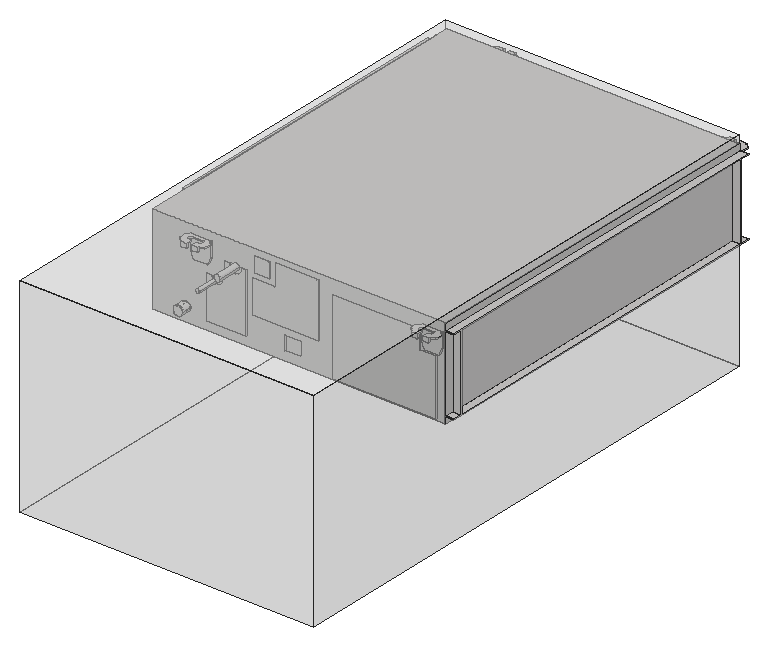
Revit family "outputfile", category 機械設備, Revit 2024
Family settings
  丸型コネクタ寸法 = 半径を使用
  パーツ タイプ = 標準
  OmniClass 番号 = 23.75.10.24.21.27.27
  OmniClass タイトル = Split System Air Conditioning Units
  作業面ベース = いいえ
  常に垂直 = はい
  ロード時にボイドで切り取り = いいえ
  注釈の向きを維持 = いいえ
  共有 = いいえ
  部屋計算ポイント = はい
Parameters (values of type "FBFC24EV2S")
  製造元 = "Daikin"
  書き出し IFC クラス(タイプ) = "IfcUnitaryEquipmentType"
  定義済み IFC タイプ(タイプ) = "AIRCONDITIONINGUNIT"
  モデル = "FBFC24EV2S"
  switch_frequency = yes
  r_Liquid Pipe Size = Liquid Pipe Size / 2  # 4.75 mm
  r_Gas Pipe Size = Gas Pipe Size / 2  # 7.95 mm
  r_Drain Pipe Size = Drain Pipe Size / 2  # 12.5 mm
  lw_power = 770.0 mm  # constant formula
  lh_SA = 138.0 mm  # constant formula
  lw_SA = if(Width = 550.0 mm, 225.0 mm, if(Width = 700.0 mm, 300.0 mm, if(Width = 1000.0 mm, 450.0 mm, if(Width = 1400.0 mm, 650.0 mm, 725.0 mm))))  # 450.0 mm
  lw_RA = if(Width = 550.0 mm, 275.0 mm, if(Width = 700.0 mm, 349.0 mm, if(Width = 1000.0 mm, 499.0 mm, if(Width = 1400.0 mm, 699.0 mm, 775.0 mm))))  # 499.0 mm
  lh_power = 60.0 mm + [h***]  # 60.0 mm
  lh_mountinghole1 = lh_mountinghole + [h***]  # 222.0 mm
  lh_RA = 123.0 mm  # constant formula
  ld_power = Width / 2  # 500.0 mm
  connector_voltage = Voltage_50Hz  # 220 V
  connector_powerinput = [Power Input (Cooling)]  # 2.230 kW
  connector_phase = Phase_50Hz  # 1
  Width = 1000.0 mm
  Voltage_comment_50Hz = "220"
  Voltage_50Hz = 220 V
  Supply Air Direction [instance] = yes
  Phase_50Hz = 1
  Minimum External Static Pressure = 40.00 Pa
  Maximum External Static Pressure = 140.00 Pa
  Material_Casing = DAIKIN_GalvanizedSteel_Casing_indoorunit
  lw_mountinghole = 630.0 mm  # constant formula
  lh_gaspipe = 183.0 mm + [h***]  # 183.0 mm
  lh_mountinghole = 222.0 mm  # constant formula
  lh_liquidpipe = 136.0 mm + [h***]  # 136.0 mm
  lh_drainpipe = 38.0 mm + [h***]  # 38.0 mm
  lh_antena = Height - lh_mountinghole + 1.0 mm  # 24.0 mm
  ld_drainpipe = Width / 2 + 26.0 mm  # 526.0 mm
  ld_liquidpipe = Width / 2 + 69.0 mm  # 569.0 mm
  ld_gaspipe = Width / 2 + 65.0 mm  # 565.0 mm
  ld_mountinghole = Width + 38.0 mm  # 1038.0 mm
  h*** = 0.0 mm  # constant formula
  lw_liquidpipe = 179.0 mm  # constant formula
  lw_gaspipe = 229.0 mm  # constant formula
  lw_drainpipe = 91.0 mm  # constant formula
  Version = "ver.1.0"
  Unit Type = "Duct"
  Unit Mass Weight = 36.00 kg
  Unit Designation [instance] = ""
  Uniclass2015Version = "Products v1.30"
  Uniclass2015Title = "Split coil room air conditioning units"
  Uniclass2015Code = "Pr_70_65_03_86"
  Total Cooling Capacity [instance] = 0.000 kW
  Sound Pressure Level_M speed (dBA) = 37
  Sound Pressure Level_L speed (dBA) = 34
  Sound Pressure Level_H speed (dBA) = 39
  Series = "SkyAir_Fan Coil Unit"
  Sensible Cooling Capacity [instance] = 0.000 kW
  SA Duct Size Width = 792.0 mm
  SA Duct Size Height = 176.0 mm
  Refrigerant Type = "R32"
  RA Duct Size Width = 952.0 mm
  RA Duct Size Height = 208.0 mm
  Power Input (Cooling) = 2.230 kW
  Option Accessory 3 [instance] = ""
  Option Accessory 2 [instance] = ""
  Option Accessory 1 [instance] = ""
  Nominal Cooling Capacity = 7.000 kW
  Minimum Airflow = 990.00 m³/h
  Median Airflow = 1200.00 m³/h
  Maximum Airflow = 1500.00 m³/h
  Load Classification = HVAC
  Liquid Pipe Size = 9.5 mm
  Link_Nested Family [instance] = ""
  IfcVersion = ""
  IfcExportType = "AIRCONDITIONINGUNIT"
  IfcExportAs = "IfcUnitaryEquipmentType"
  Height = 245.0 mm
  Heat Exchanger Type = "Cross Fin Coil"
  Gas Pipe Size = 15.9 mm
  Frequency_50Hz = 50 Hz
  Fan Type = "Sirocco Fan"
  Fan Drive = "Direct Drive"
  FCU Tag No. [instance] = ""
  Drain Pipe Size = 25.0 mm
  Design Supply Airflow [instance] = 0.00 m³/h
  Design Return Airflow [instance] = 0.00 m³/h
  Design External Static Pressure [instance] = 0.00 Pa
  既定の高さ = 0.0 mm
  Depth = 800.0 mm
  Cooling Entering Wet Bulb Temperature [instance] = 0.00 °C
  Cooling Entering Dry Bulb Temperature [instance] = 0.00 °C
  Cooling Ambient Wet Bulb Temperature [instance] = 0.00 °C
  Cooling Ambient Dry Bulb Temperature [instance] = 0.00 °C
  Clearance visibility [instance] = yes
  Clearance Top = 20.0 mm
  Clearance Right = 0.0 mm
  Clearance Rear = 0.0 mm
  Clearance Left = 0.0 mm
  Clearance Front = 450.0 mm
  Clearance Bottom = 300.0 mm
Reference planes
  plane 1 "Center (Front/Back)": y = 0
  plane 2 "h": z = 0
  plane 3 "Center (Left/Right)": x = 0
  plane 4 "Back": y = 500
  plane 5 "Front": y = -500
  plane 6 "Left": x = -400
  plane 7 "Right": x = 400
  plane 8 "Top": z = 0
  plane 9 "Bottom": z = -245
  plane 10: y = -215
  plane 11: y = 500
  plane 12: y = -950
  plane 13: x = -400
  plane 14: x = 400
  plane 15: z = 20
  plane 16: z = -545
  plane 17: x = -400
  plane 18: x = -399
  plane 19: x = 399
  plane 20: y = 50
  plane 21: y = -1
  plane 22: z = -122
  plane 23: y = -501
  plane 24: z = -109
  plane 25: x = -221
  plane 26: y = -565
  plane 27: z = -62
  plane 28: x = -171
  plane 29: y = -526
  plane 30: z = -207
  plane 31: x = -309
  plane 32: x = -309
  plane 33: x = -221
  plane 34: x = -171
  plane 35: x = 370
  plane 36: x = -266
  plane 37: x = 364
  plane 38: y = -519
  plane 39: y = 519
  plane 40: z = -23
  plane 41: z = -107
  plane 42: y = -569
  plane 43: z = -207
  plane 44: x = -309
  plane 45: y = -526
  plane 46: x = -251
  plane 47: x = -203
  plane 48: x = -144
  plane 49: z = -59
  plane 50: z = -106
  plane 51: z = -221
  plane 52: z = -109
  plane 53: x = -221
  plane 54: z = -62
  plane 55: x = -171
  plane 56: z = -17
  plane 57: z = -59
  plane 58: x = -121
  plane 59: x = -79
  plane 60: x = -125
  plane 61: x = -64
  plane 62: x = 53
  plane 63: z = -164
  plane 64: z = -73
  plane 65: z = -16
  plane 66: x = 93.5
  plane 67: x = 374.5
  plane 68: x = 330
  plane 69: z = -88.5
  plane 70: z = -38
  plane 71: z = -242.5
  plane 72: x = -38.5
  plane 73: x = 6.5
  plane 74: z = -181
  plane 75: z = -221
  plane 76: y = -499
  plane 77: x = -424
  plane 78: x = 424
Forms (mm)
  Extrusion 1, solid, material "DAIKIN_GalvanizedSteel_Casing_indoorunit" <- "Material_Casing"
    sketch origin (0, 0, 0) x (1, 0, 0) y (0, 1, 0)
      loop
        line (-399, 500) -> (-399, -500) -> (399, -500) -> (399, 500) -> (-399, 500)
    from -245 to 0
  Extrusion 2, solid, material "DAIKIN_GalvanizedSteel_Casing_indoorunit" <- "Material_Casing"
    sketch origin (0, 0, 0) x (1, 0, 0) y (0, 0, 1)
      loop
        line (-251, -221) -> (-144, -221) -> (-144, -59) -> (-154.47, -59)
        arc (-154.47, -59) -> (-171, -78.8) -> (-187.53, -59) r 16.8
        line (-187.53, -59) -> (-203, -59) -> (-203, -106) -> (-206.916, -106)
        arc (-206.916, -106) -> (-221, -123.4) -> (-235.084, -106) r 14.4
        line (-235.084, -106) -> (-251, -106) -> (-251, -221)
    from 500 to 501
  Extrusion 3, solid, material "DAIKIN_GalvanizedSteel_Casing_indoorunit" <- "Material_Casing"
    sketch origin (0, 0, 0) x (1, 0, 0) y (0, 0, 1)
      loop
        line (-121, -17) -> (-121, -59) -> (-79, -59) -> (-79, -17) -> (-121, -17)
      loop
        line (-125, -73) -> (-125, -164) -> (53, -164) -> (53, -16) -> (-64, -16) -> (-64, -73) -> (-125, -73)
    from 500 to 501
  Extrusion 4, solid, material "DAIKIN_GalvanizedSteel_Casing_indoorunit" <- "Material_Casing"
    sketch origin (0, 0, 0) x (1, 0, 0) y (0, 0, 1)
      loop
        line (93.5, -38) -> (93.5, -242.5) -> (374.5, -242.5) -> (374.5, -88.5) -> (330, -88.5) -> (330, -38) -> (93.5, -38)
    from 500 to 501
  Extrusion 5, solid, material "DAIKIN_GalvanizedSteel_Casing_indoorunit" <- "Material_Casing"
    sketch origin (0, 0, 0) x (1, 0, 0) y (0, 0, 1)
      loop
        circle (-221, -109) r 4.75
    from 500 to 569
  Extrusion 6, solid, material "DAIKIN_GalvanizedSteel_Casing_indoorunit" <- "Material_Casing"
    sketch origin (0, 0, 0) x (1, 0, 0) y (0, 0, 1)
      loop
        circle (-171, -62) r 7.95
    from 500 to 565
  Extrusion 7, solid, material "DAIKIN_GalvanizedSteel_Casing_indoorunit" <- "Material_Casing"
    sketch origin (0, 0, 0) x (1, 0, 0) y (0, 0, 1)
      loop
        circle (-309, -207) r 12.5
    from 501 to 526
  Extrusion 8, solid, material "DAIKIN_GalvanizedSteel_Casing_indoorunit" <- "Material_Casing"
    sketch origin (0, 0, 0) x (1, 0, 0) y (0, 0, 1)
      loop
        circle (-309, -207) r 13
    from 500 to 526
  Extrusion 9, void
    sketch origin (0, 0, 0) x (1, 0, 0) y (0, 0, 1)
      loop
        line (-38.5, -181) -> (-38.5, -221) -> (6.5, -221) -> (6.5, -181) -> (-38.5, -181)
    from 499 to 500
Cuts and joins
  Extrusion 9 cuts Extrusion 1
Dimensions and locks
  "Height": plane 8 "Top" to plane 9 "Bottom"
  equal spacing: plane 4 "Back", plane 1 "Center (Front/Back)", plane 5 "Front"
  "Width": plane 4 "Back" to plane 5 "Front"
  equal spacing: plane 6 "Left", plane 3 "Center (Left/Right)", plane 7 "Right"
  "Depth": plane 6 "Left" to plane 7 "Right"
  "Clearance Left": plane 13 to plane 6 "Left"
  "Clearance Right": plane 7 "Right" to plane 14
  "Clearance Rear": plane 11 to plane 4 "Back"
  "Clearance Front": plane 5 "Front" to plane 12
  "Clearance Top": plane 15 to plane 8 "Top"
  "Clearance Bottom": plane 9 "Bottom" to plane 16
  locked: plane 17 to plane 18 at 1
  locked: plane 19 to plane 14 at 1
  "lw_RA": plane 21 to plane 5 "Front"
  "lh_RA": plane 22 to plane 9 "Bottom"
  locked: plane 5 "Front" to plane 23 at 1
  "lw_liquidpipe": plane 25 to plane 6 "Left"
  "lh_liquidpipe": plane 24 to plane 9 "Bottom"
  "lh_gaspipe": plane 27 to plane 9 "Bottom"
  "lw_gaspipe": plane 28 to plane 6 "Left"
  "ld_gaspipe": plane 26 to plane 1 "Center (Front/Back)"
  "ld_drainpipe": plane 29 to plane 1 "Center (Front/Back)"
  "lh_drainpipe": plane 30 to plane 9 "Bottom"
  "lw_drainpipe": plane 31 to plane 6 "Left"
  "lw_drainpipe": plane 6 "Left" to plane 32
  "lw_liquidpipe": plane 6 "Left" to plane 33
  "lw_gaspipe": plane 6 "Left" to plane 34
  "lw_power": plane 6 "Left" to plane 35
  locked: plane 17 to plane 36 at 134
  "lw_mountinghole": plane 36 to plane 37
  equal spacing: plane 38, plane 1 "Center (Front/Back)", plane 39
  "ld_mountinghole": plane 39 to plane 38
  "lh_mountinghole": plane 40 to plane 9 "Bottom"
  "lh_SA": plane 41 to plane 9 "Bottom"
  locked: plane 44 to plane 6 "Left" at 91
  locked: plane 43 to plane 9 "Bottom" at 38
  locked: plane 5 "Front" to plane 45 at 26
  plane 48 to plane 47 to plane 46 to plane 6 "Left" = 59.0 mm, 48.0 mm, 149.0 mm
  plane 8 "Top" to plane 49 to plane 50 to plane 51 = 59.0 mm locked, 47.0 mm locked, 115.0 mm locked
  plane 55 to plane 53 to plane 6 "Left" = 50.0 mm locked, 179.0 mm locked
  plane 54 to plane 52 to plane 9 "Bottom" = 47.0 mm locked, 136.0 mm locked
  plane 59 to plane 58 to plane 6 "Left" = 42.0 mm locked, 279.0 mm locked
  plane 8 "Top" to plane 56 to plane 57 = 17.0 mm locked, 42.0 mm locked
  plane 62 to plane 61 to plane 60 to plane 6 "Left" = 117.0 mm, 61.0 mm, 275.0 mm
  plane 8 "Top" to plane 65 to plane 64 = 16.0 mm locked, 57.0 mm locked
  locked: plane 65 to plane 63 at 148
  plane 8 "Top" to plane 70 to plane 69 to plane 71 = 38.0 mm locked, 50.5 mm locked, 154.0 mm locked
  plane 67 to plane 68 to plane 66 to plane 6 "Left" = 44.5 mm locked, 236.5 mm locked, 493.5 mm locked
  plane 8 "Top" to plane 74 to plane 75 = 181.0 mm locked, 40.0 mm locked
  plane 73 to plane 72 to plane 6 "Left" = 45.0 mm, 361.5 mm
  locked: plane 76 to plane 5 "Front" at 1
  locked: plane 77 to plane 17 at 24
  locked: plane 14 to plane 78 at 24
  "ld_liquidpipe": plane 42 to plane 1 "Center (Front/Back)"
  "lw_SA": plane 4 "Back" to plane 20
  "r_Liquid Pipe Size": radius of Extrusion 5 sketch curve
  "r_Gas Pipe Size": radius of Extrusion 6 sketch curve
  "r_Drain Pipe Size": radius of Extrusion 7 sketch curve
  aligned and locked: level to plane 2 "h"
  aligned and locked: plane 8 "Top" to Extrusion 1
  aligned and locked: Extrusion 1 to plane 9 "Bottom"
  aligned and locked: nested 5 to plane 12
  aligned and locked: plane 13 to nested 5
  aligned and locked: plane 14 to nested 5
  aligned and locked: nested 5 to plane 13
  aligned and locked: plane 11 to nested 5
  aligned and locked: plane 15 to nested 5
  aligned and locked: plane 16 to nested 5
  aligned and locked: plane 5 "Front" to Extrusion 1 sketch curve
  aligned and locked: Extrusion 1 to plane 18
  aligned and locked: plane 19 to Extrusion 1
  aligned and locked: nested 7 to plane 18
  aligned and locked: nested 7 to plane 20
  aligned and locked: plane 19 to nested 8
  aligned and locked: plane 21 to nested 8
  aligned and locked: plane 22 to nested 8
  aligned and locked: Extrusion 2 to plane 23
  aligned and locked: plane 5 "Front" to Extrusion 2
  aligned and locked: Extrusion 3 to plane 23
  aligned and locked: plane 5 "Front" to Extrusion 3
  aligned and locked: plane 5 "Front" to Extrusion 4
  aligned and locked: Extrusion 5 sketch curve to plane 25
  aligned and locked: plane 24 to Extrusion 5 sketch curve
  aligned and locked: plane 5 "Front" to Extrusion 5
  aligned and locked: Extrusion 6 sketch curve to plane 28
  aligned and locked: plane 27 to Extrusion 6 sketch curve
  aligned and locked: plane 5 "Front" to Extrusion 6
  aligned and locked: Extrusion 7 sketch curve to plane 31
  aligned and locked: plane 30 to Extrusion 7 sketch curve
  aligned and locked: Extrusion 7 to plane 29
  aligned and locked: plane 23 to Extrusion 7
  aligned and locked: nested 3 to plane 29
  aligned and locked: plane 32 to nested 3
  aligned and locked: nested 2 to plane 33
  aligned and locked: nested 1 to plane 34
  aligned and locked: Extrusion 6 to plane 26
  aligned and locked: nested 1 to plane 26
  aligned and locked: nested 6 to plane 5 "Front"
  aligned and locked: nested 6 to plane 35
  aligned and locked: plane 36 to nested 10
  aligned and locked: nested 10 to plane 5 "Front"
  aligned and locked: plane 37 to nested 9
  aligned and locked: nested 9 to plane 5 "Front"
  aligned and locked: nested 11 to plane 36
  aligned and locked: plane 4 "Back" to nested 11
  aligned and locked: nested 12 to plane 37
  aligned and locked: plane 4 "Back" to nested 12
  aligned and locked: plane 40 to nested 10
  aligned and locked: plane 40 to nested 11
  aligned and locked: plane 40 to nested 9
  aligned and locked: plane 40 to nested 12
  aligned and locked: plane 36 to nested 14
  aligned and locked: nested 14 to plane 39
  aligned and locked: plane 37 to nested 13
  aligned and locked: nested 13 to plane 39
  aligned and locked: plane 37 to nested 16
  aligned and locked: plane 38 to nested 16
  aligned and locked: plane 38 to nested 15
  aligned and locked: plane 36 to nested 15
  aligned and locked: plane 17 to plane 6 "Left"
  aligned and locked: plane 41 to nested 7
  aligned and locked: Extrusion 5 to plane 42
  aligned and locked: nested 2 to plane 42
  aligned and locked: Extrusion 8 sketch curve to plane 44
  aligned and locked: plane 43 to Extrusion 8 sketch curve
  aligned and locked: plane 5 "Front" to Extrusion 8
  aligned and locked: plane 45 to Extrusion 8
  aligned and locked: Extrusion 3 sketch curve to plane 56
  aligned and locked: Extrusion 3 sketch curve to plane 58
  aligned and locked: plane 57 to Extrusion 3 sketch curve
  aligned and locked: plane 59 to Extrusion 3 sketch curve
  aligned and locked: Extrusion 4 to plane 23
  aligned and locked: Extrusion 9 sketch curve to plane 74
  aligned and locked: plane 75 to Extrusion 9 sketch curve
  aligned and locked: plane 73 to Extrusion 9 sketch curve
  aligned and locked: plane 5 "Front" to Extrusion 9
  aligned and locked: plane 76 to Extrusion 9
  aligned and locked: nested 17 to plane 20
  aligned and locked: nested 17 to plane 77
  aligned and locked: plane 21 to nested 18
  aligned and locked: plane 78 to nested 18
  aligned and locked: plane 41 to nested 17
  aligned and locked: nested 18 to plane 22
  aligned and locked: nested 4 to plane 3 "Center (Left/Right)"
  aligned and locked: plane 1 "Center (Front/Back)" to nested 4
  aligned and locked: level to plane 8 "Top"
Automatic sketch dimensions
  plane 6 "Left" to Extrusion 1 sketch curve = 1.0 mm
  Extrusion 1 sketch curve to plane 7 "Right" = 1.0 mm
  Extrusion 1 sketch curve to plane 4 "Back" = 0.0 mm
  Extrusion 2 sketch curve to plane 46 = 0.0 mm
  Extrusion 2 sketch curve to plane 33 = 0.0 mm
  Extrusion 2 sketch curve to plane 47 = 0.0 mm
  Extrusion 2 sketch curve to plane 34 = 0.0 mm
  Extrusion 2 sketch curve to plane 48 = 0.0 mm
  Extrusion 2 sketch curve to plane 51 = 0.0 mm
  Extrusion 2 sketch curve to plane 52 = 0.0 mm
  Extrusion 2 sketch curve to plane 50 = 0.0 mm  (x3)
  Extrusion 2 sketch curve to plane 54 = 0.0 mm
  Extrusion 2 sketch curve to plane 49 = 0.0 mm  (x3)
  plane 33 to Extrusion 2 sketch curve = 14.084 mm
  plane 34 to Extrusion 2 sketch curve = 16.53 mm
  Extrusion 3 sketch curve to plane 60 = 0.0 mm
  Extrusion 3 sketch curve to plane 61 = 0.0 mm
  Extrusion 3 sketch curve to plane 62 = 0.0 mm
  Extrusion 3 sketch curve to plane 63 = 0.0 mm
  Extrusion 3 sketch curve to plane 64 = 0.0 mm
  Extrusion 3 sketch curve to plane 65 = 0.0 mm
  Extrusion 4 sketch curve to plane 66 = 0.0 mm
  Extrusion 4 sketch curve to plane 68 = 0.0 mm
  Extrusion 4 sketch curve to plane 67 = 0.0 mm
  Extrusion 4 sketch curve to plane 71 = 0.0 mm
  Extrusion 4 sketch curve to plane 69 = 0.0 mm
  Extrusion 4 sketch curve to plane 70 = 0.0 mm
  Extrusion 9 sketch curve to plane 72 = 0.0 mm
  radius of Extrusion 8 sketch curve = 13.0 mm
Nested families
  nested 1: "daikin_connector_rotate2" at (-171, 0, -62), length <- "ld_gaspipe", built-in parameter 1001364 <- "lh_gaspipe", radius <- "r_Gas Pipe Size", type "daikin_connector_rotate2"
    with radius 7.95 mm, length 565.0 mm, angle_vertical 90.00°
  nested 2: "daikin_connector_rotate2" at (-221, 0, -109), length <- "ld_liquidpipe", built-in parameter 1001364 <- "lh_liquidpipe", radius <- "r_Liquid Pipe Size", type "daikin_connector_rotate2"
    with radius 4.75 mm, length 569.0 mm, angle_vertical 90.00°
  nested 3: "daikin_connector_rotate2" at (-309, 0, -207), length <- "ld_drainpipe", built-in parameter 1001364 <- "lh_drainpipe", radius <- "r_Drain Pipe Size", type "daikin_connector_rotate2"
    with radius 12.5 mm, length 526.0 mm, angle_vertical 90.00°
  nested 4: "daikin_△_symbolicline" at (0, 0, 245) x (0, -1, 0) z (0, 0, 1), built-in parameter 1001364 <- "Height", visible <- "Supply Air Direction", type "daikin_△_symbolicline"
    with length 200.0 mm
  nested 5: "daikin_clearancespace" at (0, -225, -262.381), visible <- "Clearance visibility", show <- "Clearance visibility", Link_Nested Family <- "Link_Nested Family", type "daikin_clearancespace"
    with width 800.0 mm, show yes, height 565.0 mm, depth 1450.0 mm, Link_Nested Family ""
  nested 6: "daikin_connector_rotate2" at (370, 0, -185), built-in parameter 1001364 <- "lh_power", length <- "ld_power", type "daikin_connector_rotate2"
    with radius 10.0 mm, length 500.0 mm, angle_vertical 90.00°
  nested 7: "daikin_ductflange_FBFC-EV2S2" at (-399, 50, -107) x (0, -1, 0) z (0, 0, 1), type "daikin_ductflange_FBFC-EV2S2"
    with width 792.0 mm, w 1000.0 mm
  nested 8: "daikin_ductflange_FBFC-EV2S" at (399, -1, -122) x (0, 1, 0) z (0, 0, 1), type "daikin_ductflange_FBFC-EV2S"
    with width 952.0 mm, lw 25.0 mm, w 1000.0 mm
  nested 9: "daikin_hangerfixture_FBFC-EV2S" at (364, -500, -23), type "daikin_hangerfixture_FBFC-EV2S"
  nested 10: "daikin_hangerfixture_FBFC-EV2S" at (-266, -500, -23), type "daikin_hangerfixture_FBFC-EV2S"
  nested 11: "daikin_hangerfixture_FBFC-EV2S" at (-266, 500, -23) x (-1, 0, 0) z (0, 0, 1), type "daikin_hangerfixture_FBFC-EV2S"
  nested 12: "daikin_hangerfixture_FBFC-EV2S" at (364, 500, -23) x (-1, 0, 0) z (0, 0, 1), type "daikin_hangerfixture_FBFC-EV2S"
  nested 13: "daikin_mountinghole" at (364, 519, -245), h_mountinghole <- "lh_mountinghole1", l_antenna <- "lh_antena", Link_Nested Family <- "Link_Nested Family", type "daikin_mountinghole"
    with show yes, l_antenna 24.0 mm, h_mountinghole 222.0 mm, Link_Nested Family ""
  nested 14: "daikin_mountinghole" at (-266, 519, -245), h_mountinghole <- "lh_mountinghole1", l_antenna <- "lh_antena", Link_Nested Family <- "Link_Nested Family", type "daikin_mountinghole"
    with show yes, l_antenna 24.0 mm, h_mountinghole 222.0 mm, Link_Nested Family ""
  nested 15: "daikin_mountinghole" at (-266, -519, -245), h_mountinghole <- "lh_mountinghole1", l_antenna <- "lh_antena", Link_Nested Family <- "Link_Nested Family", type "daikin_mountinghole"
    with show yes, l_antenna 24.0 mm, h_mountinghole 222.0 mm, Link_Nested Family ""
  nested 16: "daikin_mountinghole" at (364, -519, -245), h_mountinghole <- "lh_mountinghole1", l_antenna <- "lh_antena", Link_Nested Family <- "Link_Nested Family", type "daikin_mountinghole"
    with show yes, l_antenna 24.0 mm, h_mountinghole 222.0 mm, Link_Nested Family ""
  nested 17: "daikin_connector_rotate2" at (-400, 50, -107) x (0, -1, 0) z (0, 0, 1), type "daikin_connector_rotate2"
    with radius 10.0 mm, length 24.0 mm, angle_vertical 90.00°
  nested 18: "daikin_connector_rotate2" at (400, -1, -122) x (0, 1, 0) z (0, 0, 1), type "daikin_connector_rotate2"
    with radius 10.0 mm, length 24.0 mm, angle_vertical 90.00°
Connectors
  piping at (-309, -526, -207), diameter 25, driven by "r_Drain Pipe Size"
    settings: on nested 3, index 3, connector inside diameter 609.6 mm, connector length 0.0 mm, flow factor 0, pipe flow 0.00 m³/h, pressure drop 0.0 Pa, fitting loss kfactor 0, connector angle 0.00°, fixture units 0, engagement length 0.0 mm, angle of deflection 0.00°, flow configuration 1, flow direction 2, fitting loss method 4, system type 16, joint type 0, gender type 0, connector reference index -1, connector utility 0, adjustable connector no, is connector primary yes, connector description "Condensate Drain Piping"
  piping at (-171, -565, -62), diameter 15.9, driven by "r_Gas Pipe Size"
    settings: on nested 1, index 4, connector inside diameter 609.6 mm, connector length 0.0 mm, flow factor 0, pipe flow 0.00 m³/h, pressure drop 0.0 Pa, fitting loss kfactor 0, connector angle 0.00°, fixture units 0, engagement length 0.0 mm, angle of deflection 0.00°, flow configuration 1, flow direction 2, fitting loss method 0, system type 29, joint type 0, gender type 0, connector reference index -1, connector utility 0, adjustable connector no, is connector primary no, connector description "Refrigerant Gas Piping"
  piping at (-221, -569, -109), diameter 9.5, driven by "r_Liquid Pipe Size"
    settings: on nested 2, index 5, connector inside diameter 609.6 mm, connector length 0.0 mm, flow factor 0, pipe flow 0.00 m³/h, pressure drop 0.0 Pa, fitting loss kfactor 0, connector angle 0.00°, fixture units 0, engagement length 0.0 mm, angle of deflection 0.00°, flow configuration 1, flow direction 1, fitting loss method 0, system type 29, joint type 0, gender type 0, connector reference index -1, connector utility 0, adjustable connector no, is connector primary no, connector description "Refrigerant Liquid Piping"
  electrical at (370, -500, -185), driven by "Load Classification", driven by "connector_powerinput", driven by "connector_voltage", driven by "connector_phase"
    settings: on nested 6, index 6, voltage 220 V, apparent load 2230 VA, apparent load phase1 0 VA, apparent load phase2 0 VA, apparent load phase3 0 VA, power factor 1, load classification "HVAC", number of poles 1, system type 30, power factor state 1, is connector primary yes, connector utility no, sub classification motor no, connector description "Power Supply"
  hvac at (-424, 50, -107), driven by "SA Duct Size Height", driven by "SA Duct Size Width"
    settings: on nested 17, index 7, duct flow 0.00 m³/h, flow factor 0, pres drop 0.00 Pa, loss coef 0, conn angle 0.00°, conn width 792.0 mm, conn height 176.0 mm, conn diameter 609.6 mm, duct sys type 1, conn prof type 1, flow config 0, flow direction 2, loss method 4, conn ref index -1, conn util no, is conn primary yes, conn desc "SA Duct"
  hvac at (424, -1, -122), driven by "RA Duct Size Height", driven by "RA Duct Size Width"
    settings: on nested 18, index 8, duct flow 0.00 m³/h, flow factor 0, pres drop 0.00 Pa, loss coef 0, conn angle 0.00°, conn width 952.0 mm, conn height 208.0 mm, conn diameter 609.6 mm, duct sys type 2, conn prof type 1, flow config 0, flow direction 1, loss method 4, conn ref index -1, conn util no, is conn primary no, conn desc "RA Duct"
Definition of nested family "daikin_clearancespace"
  Parameters (values of type "daikin_clearancespace")
    Description = "daikin_clearancespace"
    width [instance] = 1823.963 mm
    show [instance] = yes
    material = none
    height [instance] = 1359.762 mm
    depth [instance] = 880.0 mm
    Default Elevation = 0.0 mm
    Link_Nested Family [instance] = ""
  Reference planes
    plane 1 "Center (Front/Back)": y = 0
    plane 2 "Center (Elevation)": z = -0.119
    plane 3 "Center (Left/Right)": x = 0
    plane 4: y = 440
    plane 5: y = -440
    plane 6 "Right": x = 911.982
    plane 7 "Left": x = -911.982
    plane 8 "Top": z = 679.762
    plane 9 "Bottom": z = -680
  Forms (mm)
    Extrusion 1, solid, material <- "material", visible <- "show"
      sketch origin (0, 0, 0) x (1, 0, 0) y (0, 1, 0)
        loop
          line (-911.982, 440) -> (-911.982, -440) -> (911.982, -440) -> (911.982, 440) -> (-911.982, 440)
      from -680 to 679.762
  Lines and regions (mm)
    symbolic lines, visible <- "show"
      curve 1: line (911.982, 440, 0) -> (-911.982, 440, 0)
      curve 2: line (-911.982, 440, 0) -> (-911.982, -440, 0)
      curve 3: line (-911.982, -440, 0) -> (911.982, -440, 0)
      curve 4: line (911.982, -440, 0) -> (911.982, 440, 0)
      curve 5: line (911.982, 0, 679.762) -> (-911.982, 0, 679.762)
      curve 6: line (911.982, 0, -680) -> (911.982, 0, 679.762)
      curve 7: line (-911.982, 0, -680) -> (911.982, 0, -680)
      curve 8: line (-911.982, 0, 679.762) -> (-911.982, 0, -680)
      curve 9: line (0, 440, 679.762) -> (0, -440, 679.762)
      curve 10: line (0, -440, 679.762) -> (0, -440, -680)
      curve 11: line (0, 440, -680) -> (0, 440, 679.762)
      curve 12: line (0, -440, -680) -> (0, 440, -680)
  Dimensions and locks
    "width": plane 7 "Left" to plane 6 "Right"
    "depth": plane 4 to plane 5
    "height": plane 8 "Top" to plane 9 "Bottom"
    equal spacing: plane 7 "Left", plane 3 "Center (Left/Right)", plane 6 "Right"
    equal spacing: plane 4, plane 1 "Center (Front/Back)", plane 5
    equal spacing: plane 8 "Top", plane 2 "Center (Elevation)", plane 9 "Bottom"
    aligned and locked: level to plane 2 "Center (Elevation)"
    aligned and locked: Extrusion 1 sketch curve to plane 4
    aligned and locked: plane 7 "Left" to Extrusion 1 sketch curve
    aligned and locked: Extrusion 1 sketch curve to plane 5
    aligned and locked: Extrusion 1 sketch curve to plane 6 "Right"
    aligned and locked: plane 8 "Top" to Extrusion 1
    aligned and locked: curve 1 to Extrusion 1
    aligned and locked: curve 2 to Extrusion 1
    aligned and locked: curve 3 to Extrusion 1
    aligned and locked: curve 4 to Extrusion 1
    aligned and locked: curve 5 to Extrusion 1
    aligned and locked: curve 6 to Extrusion 1
    aligned and locked: curve 7 to Extrusion 1
    aligned and locked: curve 8 to Extrusion 1
    aligned and locked: curve 9 to Extrusion 1
    aligned and locked: curve 10 to Extrusion 1
    aligned and locked: curve 11 to Extrusion 1
    aligned and locked: curve 12 to Extrusion 1
    aligned and locked: Extrusion 1 to plane 9 "Bottom"
Definition of nested family "daikin_ductflange_FBFC-EV2S2"
  Parameters (values of type "daikin_ductflange_FBFC-DVMG2")
    width = if(w = 550.0 mm, 337.0 mm, if(w = 700.0 mm, 492.0 mm, if(w = 1000.0 mm, 792.0 mm, if(w = 1400.0 mm, 1192.0 mm, 1337.0 mm))))  # 1192.0 mm
    material = none
    height = 215.0 mm
    depth = 1.0 mm
    w = 1400.0 mm
    Default Elevation = 0.0 mm
  Reference planes
    plane 1 "Center (Front/Back)": y = 0
    plane 2: z = 0
    plane 3 "Center (Left/Right)": x = 0
    plane 4: z = 88
    plane 5: z = -88
    plane 6: y = -25
    plane 7: z = 106
    plane 8: z = 89
    plane 9: y = -1
    plane 10: x = -617.5
    plane 11: x = 617.5
    plane 12: z = -106
    plane 13: z = -89
    plane 14: y = -1
    plane 15: x = 596
    plane 16: x = -596
    plane 17: x = 597
    plane 18: z = 87
    plane 19: z = -87
    plane 20: x = -597
    plane 21: z = 87
    plane 22: z = -87
    plane 23: y = -1
  Forms (mm)
    Extrusion 1, solid, material <- "material"
      sketch origin (0, 0, 0) x (0, 1, 0) y (0, 0, 1)
        loop
          line (-25, 88) -> (0, 88) -> (0, 106) -> (-1, 106) -> (-1, 89) -> (-25, 89) -> (-25, 88)
      from -617.5 to 617.5
    Extrusion 2, solid, material <- "material"
      sketch origin (0, 0, 0) x (0, 1, 0) y (0, 0, 1)
        loop
          line (-25, -88) -> (-25, -89) -> (-1, -89) -> (-1, -106) -> (0, -106) -> (0, -88) -> (-25, -88)
      from -617.5 to 617.5
    Extrusion 3, solid, material <- "material"
      sketch origin (0, 0, 0) x (1, 0, 0) y (0, 0, 1)
        loop
          line (596, 88) -> (596, -88) -> (617.5, -88) -> (617.5, -87) -> (597, -87) -> (597, 87) -> (617.5, 87) -> (617.5, 88) -> (596, 88)
      from 0 to 25
    Extrusion 4, solid, material <- "material"
      sketch origin (0, 0, 0) x (1, 0, 0) y (0, 0, 1)
        loop
          line (-617.5, 88) -> (-617.5, 87) -> (-597, 87) -> (-597, -87) -> (-617.5, -87) -> (-617.5, -88) -> (-596, -88) -> (-596, 88) -> (-617.5, 88)
      from 0 to 25
    Extrusion 5, solid, material <- "material"
      sketch origin (0, 0, 0) x (1, 0, 0) y (0, 0, 1)
        loop
          line (-617.5, 88) -> (-617.5, -88) -> (-596, -88) -> (-596, 88) -> (-617.5, 88)
        loop
          line (617.5, 88) -> (596, 88) -> (596, -88) -> (617.5, -88) -> (617.5, 88)
      from 0 to 1
  Cuts and joins
    joined: Extrusion 1, Extrusion 2, Extrusion 3, Extrusion 4, Extrusion 5
  Dimensions and locks
    plane 4 to level to plane 5 = 88.0 mm, 88.0 mm
    locked: plane 6 to plane 1 "Center (Front/Back)" at 25
    locked: plane 9 to plane 1 "Center (Front/Back)" at 1
    locked: plane 8 to plane 4 at 1
    locked: plane 16 to plane 10 at 21.5
    locked: plane 17 to plane 15 at 1
    locked: plane 4 to plane 18 at 1
    locked: plane 19 to plane 5 at 1
    "width": plane 15 to plane 16
    plane 4 to plane 5 = 176.0 mm
    locked: plane 16 to plane 20 at 1
    locked: plane 4 to plane 21 at 1
    locked: plane 22 to plane 5 at 1
    locked: plane 23 to plane 1 "Center (Front/Back)" at 1
    plane 4 to level to plane 5 = 88.0 mm locked, 88.0 mm locked
    locked: plane 5 to plane 13 at 1
    locked: plane 5 to plane 12 at 18
    locked: plane 7 to plane 4 at 18
    equal spacing: plane 15, plane 3 "Center (Left/Right)", plane 16
    locked: plane 11 to plane 15 at 21.5
    plane 11 to plane 10 = 1235.0 mm
    aligned and locked: level to plane 2
    aligned and locked: Extrusion 1 to plane 10
    aligned and locked: plane 11 to Extrusion 1
    aligned and locked: plane 5 to Extrusion 2
    aligned and locked: Extrusion 2 to plane 1 "Center (Front/Back)"
    aligned and locked: plane 15 to Extrusion 3 sketch curve
    aligned and locked: Extrusion 3 sketch curve to Extrusion 2  (x2)
    aligned and locked: Extrusion 3 sketch curve to plane 11
    aligned and locked: plane 6 to Extrusion 3
    aligned and locked: Extrusion 2 to plane 10
    aligned and locked: plane 11 to Extrusion 2
    aligned and locked: Extrusion 4 sketch curve to Extrusion 1  (x2)
    aligned and locked: plane 5 to Extrusion 4 sketch curve
    aligned and locked: Extrusion 4 sketch curve to plane 16
    aligned and locked: Extrusion 4 sketch curve to plane 22
    aligned and locked: plane 20 to Extrusion 4 sketch curve
    aligned and locked: plane 21 to Extrusion 4 sketch curve
    aligned and locked: Extrusion 4 to plane 1 "Center (Front/Back)"
    aligned and locked: plane 6 to Extrusion 4
    aligned and locked: Extrusion 5 sketch curve to Extrusion 1  (x4)
    aligned and locked: Extrusion 5 sketch curve to Extrusion 4  (x2)
    aligned and locked: Extrusion 5 sketch curve to Extrusion 3  (x2)
    aligned and locked: Extrusion 5 to plane 1 "Center (Front/Back)"
    aligned and locked: plane 23 to Extrusion 5
  Automatic sketch dimensions
    Extrusion 1 sketch curve to plane 6 = 0.0 mm
    Extrusion 1 sketch curve to plane 7 = 0.0 mm
    Extrusion 1 sketch curve to plane 9 = 0.0 mm
    Extrusion 1 sketch curve to plane 1 "Center (Front/Back)" = 0.0 mm
    Extrusion 1 sketch curve to plane 4 = 0.0 mm
    Extrusion 1 sketch curve to plane 8 = 0.0 mm
    Extrusion 2 sketch curve to plane 6 = 0.0 mm
    plane 12 to Extrusion 2 sketch curve = 0.0 mm
    Extrusion 2 sketch curve to plane 14 = 0.0 mm
    Extrusion 2 sketch curve to plane 1 "Center (Front/Back)" = 0.0 mm
    plane 13 to Extrusion 2 sketch curve = 0.0 mm
    Extrusion 2 sketch curve to plane 5 = 0.0 mm
    Extrusion 3 sketch curve to plane 17 = 0.0 mm
    Extrusion 3 sketch curve to plane 19 = 0.0 mm
    Extrusion 3 sketch curve to plane 18 = 0.0 mm
    Extrusion 3 sketch curve to plane 4 = 0.0 mm
    Extrusion 4 sketch curve to plane 10 = 0.0 mm
Definition of nested family "daikin_ductflange_FBFC-EV2S"
  Parameters (values of type "daikin_ductflange_FBFC-DVMG")
    width = if(w = 550.0 mm, 502.0 mm, if(w = 700.0 mm, 654.0 mm, if(w = 1000.0 mm, 952.0 mm, if(w = 1400.0 mm, 1352.0 mm, 1502.0 mm))))  # 654.0 mm
    material = none
    lw = if(width = 654.0 mm, 23.0 mm, 25.0 mm)  # 23.0 mm
    height = 208.0 mm
    depth = 1.0 mm
    w = 700.0 mm
    Default Elevation = 0.0 mm
  Reference planes
    plane 1 "Center (Front/Back)": y = 0
    plane 2: z = 0
    plane 3 "Center (Left/Right)": x = 0
    plane 4: z = 104
    plane 5: z = -104
    plane 6: y = -25
    plane 7: z = 121
    plane 8: z = 105
    plane 9: y = -1
    plane 10: x = -350
    plane 11: x = 350
    plane 12: z = -122
    plane 13: z = -105
    plane 14: y = -1
    plane 15: x = 327
    plane 16: x = -327
    plane 17: x = 328
    plane 18: z = 103
    plane 19: z = -103
    plane 20: x = -328
    plane 21: z = 103
    plane 22: z = -103
    plane 23: y = -1
  Forms (mm)
    Extrusion 1, solid, material <- "material"
      sketch origin (0, 0, 0) x (0, 1, 0) y (0, 0, 1)
        loop
          line (-25, 104) -> (0, 104) -> (0, 121) -> (-1, 121) -> (-1, 105) -> (-25, 105) -> (-25, 104)
      from -350 to 350
    Extrusion 2, solid, material <- "material"
      sketch origin (0, 0, 0) x (0, 1, 0) y (0, 0, 1)
        loop
          line (-25, -104) -> (-25, -105) -> (-1, -105) -> (-1, -122) -> (0, -122) -> (0, -104) -> (-25, -104)
      from -350 to 350
    Extrusion 3, solid, material <- "material"
      sketch origin (0, 0, 0) x (1, 0, 0) y (0, 0, 1)
        loop
          line (327, 104) -> (327, -104) -> (350, -104) -> (350, -103) -> (328, -103) -> (328, 103) -> (350, 103) -> (350, 104) -> (327, 104)
      from 0 to 25
    Extrusion 4, solid, material <- "material"
      sketch origin (0, 0, 0) x (1, 0, 0) y (0, 0, 1)
        loop
          line (-350, 104) -> (-350, 103) -> (-328, 103) -> (-328, -103) -> (-350, -103) -> (-350, -104) -> (-327, -104) -> (-327, 104) -> (-350, 104)
      from 0 to 25
    Extrusion 5, solid, material <- "material"
      sketch origin (0, 0, 0) x (1, 0, 0) y (0, 0, 1)
        loop
          line (-350, 104) -> (-350, -104) -> (-327, -104) -> (-327, 104) -> (-350, 104)
        loop
          line (350, 104) -> (327, 104) -> (327, -104) -> (350, -104) -> (350, 104)
      from 0 to 1
  Cuts and joins
    joined: Extrusion 1, Extrusion 2, Extrusion 3, Extrusion 4, Extrusion 5
  Dimensions and locks
    plane 4 to level to plane 5 = 104.0 mm, 104.0 mm
    locked: plane 6 to plane 1 "Center (Front/Back)" at 25
    locked: plane 9 to plane 1 "Center (Front/Back)" at 1
    locked: plane 8 to plane 4 at 1
    "lw": plane 11 to plane 15
    "lw": plane 16 to plane 10
    locked: plane 17 to plane 15 at 1
    locked: plane 4 to plane 18 at 1
    locked: plane 19 to plane 5 at 1
    "width": plane 15 to plane 16
    equal spacing: plane 15, plane 3 "Center (Left/Right)", plane 16
    locked: plane 16 to plane 20 at 1
    locked: plane 4 to plane 21 at 1
    locked: plane 22 to plane 5 at 1
    locked: plane 23 to plane 1 "Center (Front/Back)" at 1
    locked: plane 7 to plane 4 at 17
    locked: plane 1 "Center (Front/Back)" to plane 14 at 1
    locked: plane 5 to plane 13 at 1
    "height": plane 4 to plane 5
    plane 11 to plane 10 = 700.0 mm
    locked: plane 12 to plane 13 at 17
    equal spacing: plane 4, level, plane 5
    aligned and locked: level to plane 2
    aligned and locked: Extrusion 1 to plane 10
    aligned and locked: plane 11 to Extrusion 1
    aligned and locked: plane 5 to Extrusion 2
    aligned and locked: Extrusion 2 to plane 1 "Center (Front/Back)"
    aligned and locked: plane 15 to Extrusion 3 sketch curve
    aligned and locked: Extrusion 3 sketch curve to Extrusion 2  (x2)
    aligned and locked: Extrusion 3 sketch curve to plane 11
    aligned and locked: plane 6 to Extrusion 3
    aligned and locked: Extrusion 2 to plane 10
    aligned and locked: plane 11 to Extrusion 2
    aligned and locked: Extrusion 4 sketch curve to Extrusion 1  (x2)
    aligned and locked: plane 5 to Extrusion 4 sketch curve
    aligned and locked: Extrusion 4 sketch curve to plane 16
    aligned and locked: Extrusion 4 sketch curve to plane 22
    aligned and locked: plane 20 to Extrusion 4 sketch curve
    aligned and locked: plane 21 to Extrusion 4 sketch curve
    aligned and locked: Extrusion 4 to plane 1 "Center (Front/Back)"
    aligned and locked: plane 6 to Extrusion 4
    aligned and locked: Extrusion 5 sketch curve to Extrusion 1  (x4)
    aligned and locked: Extrusion 5 sketch curve to Extrusion 4  (x2)
    aligned and locked: Extrusion 5 sketch curve to Extrusion 3  (x2)
    aligned and locked: Extrusion 5 to plane 1 "Center (Front/Back)"
    aligned and locked: plane 23 to Extrusion 5
  Automatic sketch dimensions
    Extrusion 1 sketch curve to plane 6 = 0.0 mm
    Extrusion 1 sketch curve to plane 7 = 0.0 mm
    Extrusion 1 sketch curve to plane 9 = 0.0 mm
    Extrusion 1 sketch curve to plane 1 "Center (Front/Back)" = 0.0 mm
    Extrusion 1 sketch curve to plane 4 = 0.0 mm
    Extrusion 1 sketch curve to plane 8 = 0.0 mm
    Extrusion 2 sketch curve to plane 6 = 0.0 mm
    plane 12 to Extrusion 2 sketch curve = 0.0 mm
    Extrusion 2 sketch curve to plane 14 = 0.0 mm
    Extrusion 2 sketch curve to plane 1 "Center (Front/Back)" = 0.0 mm
    plane 13 to Extrusion 2 sketch curve = 0.0 mm
    Extrusion 2 sketch curve to plane 5 = 0.0 mm
    Extrusion 3 sketch curve to plane 17 = 0.0 mm
    Extrusion 3 sketch curve to plane 19 = 0.0 mm
    Extrusion 3 sketch curve to plane 18 = 0.0 mm
    Extrusion 3 sketch curve to plane 4 = 0.0 mm
    Extrusion 4 sketch curve to plane 10 = 0.0 mm
Definition of nested family "daikin_hangerfixture_FBFC-EV2S"
  Parameters (values of type "daikin_hangerfixture_FXMQ-PAVE")
    width = 72.0 mm
    material = none
    height = 60.0 mm
    depth = 41.0 mm
    Default Elevation = 0.0 mm
  Reference planes
    plane 1 "Center (Front/Back)": y = 0
    plane 2: z = 0
    plane 3 "Center (Left/Right)": x = 0
    plane 4: y = 417.146
    plane 5: y = -41
    plane 6: x = -36
    plane 7: x = 36
    plane 8: z = -2.3
    plane 9: z = -60
    plane 10: y = -2.3
    plane 11: z = -12
    plane 12: y = -38.7
  Forms (mm)
    Extrusion 1, solid, material <- "material"
      sketch origin (0, 0, 0) x (1, 0, 0) y (0, 1, 0)
        loop
          line (-28, 0) -> (-28, -5)
          arc (-28, -5) -> (-29.127, -8.162) -> (-32, -9.899) r 5
          arc (-32, -9.899) -> (-34.873, -11.636) -> (-36, -14.798) r 5
          line (-36, -14.798) -> (-36, -27.178)
          arc (-36, -27.178) -> (-35.429, -29.499) -> (-33.846, -31.289) r 5
          line (-33.846, -31.289) -> (-23, -38.798) -> (-23, -41.098) -> (-6.5, -41.098) -> (-6.5, -28.498)
          arc (-6.5, -28.498) -> (-7.379, -26.377) -> (-9.5, -25.498) r 3
          line (-9.5, -25.498) -> (-13.5, -25.498)
          arc (-13.5, -25.498) -> (-20, -18.998) -> (-13.5, -12.498) r 6.5
          line (-13.5, -12.498) -> (13.5, -12.498)
          arc (13.5, -12.498) -> (20, -18.998) -> (13.5, -25.498) r 6.5
          line (13.5, -25.498) -> (9.5, -25.498)
          arc (9.5, -25.498) -> (7.379, -26.377) -> (6.5, -28.498) r 3
          line (6.5, -28.498) -> (6.5, -41.098) -> (23, -41.098) -> (23, -38.798) -> (33.846, -31.289)
          arc (33.846, -31.289) -> (35.429, -29.499) -> (36, -27.178) r 5
          line (36, -27.178) -> (36, -14.596)
          arc (36, -14.596) -> (34.873, -11.434) -> (32, -9.697) r 5
          arc (32, -9.697) -> (29.127, -7.96) -> (28, -4.798) r 5
          line (28, -4.798) -> (28, 0) -> (-28, 0)
      from 0 to -2.3
    Extrusion 2, solid, material <- "material"
      sketch origin (0, 0, 0) x (1, 0, 0) y (0, 0, 1)
        loop
          line (28, -39.037) -> (28, 0) -> (-28, 0) -> (-28, -39.037)
          arc (-28, -39.037) -> (-27.91, -39.983) -> (-27.642, -40.894) r 5
          line (-27.642, -40.894) -> (-21.257, -56.857)
          arc (-21.257, -56.857) -> (-19.418, -59.14) -> (-16.615, -60) r 5
          line (-16.615, -60) -> (16.615, -60)
          arc (16.615, -60) -> (19.418, -59.14) -> (21.257, -56.857) r 5
          line (21.257, -56.857) -> (27.642, -40.894)
          arc (27.642, -40.894) -> (27.91, -39.983) -> (28, -39.037) r 5
      from 0 to 2.3
    Extrusion 3, solid, material <- "material"
      sketch origin (0, 0, 0) x (1, 0, 0) y (0, 0, 1)
        loop
          line (-23, 0) -> (-23, -9)
          arc (-23, -9) -> (-22.121, -11.121) -> (-20, -12) r 3
          line (-20, -12) -> (-9.5, -12)
          arc (-9.5, -12) -> (-7.379, -11.121) -> (-6.5, -9) r 3
          line (-6.5, -9) -> (-6.5, 0) -> (-23, 0)
        loop
          line (23, 0) -> (6.5, 0) -> (6.5, -9)
          arc (6.5, -9) -> (7.379, -11.121) -> (9.5, -12) r 3
          line (9.5, -12) -> (20, -12)
          arc (20, -12) -> (22.121, -11.121) -> (23, -9) r 3
          line (23, -9) -> (23, 0)
      from 38.8 to 41.098
  Cuts and joins
    joined: Extrusion 1, Extrusion 2, Extrusion 3
  Dimensions and locks
    plane 2 to plane 8 = 2.3 mm
    "height": plane 2 to plane 9
    locked: plane 10 to plane 1 "Center (Front/Back)" at 2.3
    locked: plane 2 to plane 11 at 12
    locked: plane 12 to plane 5 at 2.3
    aligned and locked: level to plane 2
    aligned and locked: Extrusion 1 to plane 8
    aligned and locked: plane 2 to Extrusion 1
    aligned and locked: plane 2 to Extrusion 2 sketch curve
    aligned and locked: Extrusion 2 to plane 10
    aligned and locked: Extrusion 2 to plane 1 "Center (Front/Back)"
    aligned and locked: Extrusion 3 sketch curve to cut or joined group of Extrusion 1, Extrusion 2, Extrusion 3  (x3)
    aligned and locked: cut or joined group of Extrusion 1, Extrusion 2, Extrusion 3 to Extrusion 3
  Automatic sketch dimensions
    Extrusion 2 sketch curve to plane 7 = 8.0 mm
    Extrusion 2 sketch curve to plane 8 = 36.737 mm
    plane 6 to Extrusion 2 sketch curve = 19.385 mm
    Extrusion 1 sketch curve to plane 6 = 0.0 mm
    plane 1 "Center (Front/Back)" to Extrusion 1 sketch curve = 0.0 mm
    Extrusion 1 sketch curve to plane 7 = 0.0 mm
    plane 6 to Extrusion 1 sketch curve = 2.154 mm
    plane 6 to Extrusion 1 sketch curve = 3.0 mm
    Extrusion 1 sketch curve to Extrusion 1 sketch curve = 5.0 mm  (x3)
    Extrusion 1 sketch curve to plane 12 = 0.098 mm  (x2)
    Extrusion 1 sketch curve to Extrusion 1 sketch curve = 4.0 mm  (x2)
    Extrusion 1 sketch curve to plane 5 = 0.098 mm  (x2)
    Extrusion 1 sketch curve to plane 3 "Center (Left/Right)" = 6.5 mm
    plane 3 "Center (Left/Right)" to Extrusion 1 sketch curve = 6.5 mm
    Extrusion 1 sketch curve to Extrusion 1 sketch curve = 3.0 mm
    Extrusion 1 sketch curve to plane 7 = 8.0 mm
    Extrusion 1 sketch curve to plane 7 = 5.0 mm
    Extrusion 1 sketch curve to plane 7 = 3.0 mm
    Extrusion 1 sketch curve to plane 7 = 2.154 mm
    plane 12 to Extrusion 1 sketch curve = 7.411 mm  (x2)
    plane 12 to Extrusion 1 sketch curve = 10.202 mm  (x2)
    Extrusion 1 sketch curve to Extrusion 1 sketch curve = 6.5 mm  (x2)
    Extrusion 1 sketch curve to Extrusion 1 sketch curve = 12.38 mm
    Extrusion 1 sketch curve to plane 10 = 12.296 mm
    Extrusion 1 sketch curve to plane 10 = 2.7 mm
    Extrusion 1 sketch curve to plane 10 = 2.498 mm
    plane 6 to Extrusion 1 sketch curve = 4.0 mm
    Extrusion 1 sketch curve to Extrusion 1 sketch curve = 0.0 mm  (x2)
    Extrusion 1 sketch curve to plane 7 = 4.0 mm
    Extrusion 1 sketch curve to Extrusion 1 sketch curve = 4.111 mm
    Extrusion 3 sketch curve to level = 0.0 mm  (x2)
    Extrusion 3 sketch curve to plane 11 = 0.0 mm  (x2)
    plane 11 to Extrusion 3 sketch curve = 3.0 mm  (x2)
    plane 3 "Center (Left/Right)" to Extrusion 3 sketch curve = 6.5 mm
    Extrusion 3 sketch curve to Extrusion 3 sketch curve = 3.0 mm  (x2)
    Extrusion 2 sketch curve to plane 9 = 0.0 mm
    Extrusion 2 sketch curve to Extrusion 2 sketch curve = 11.385 mm
    plane 6 to Extrusion 2 sketch curve = 8.0 mm
    plane 9 to Extrusion 2 sketch curve = 20.963 mm
    Extrusion 2 sketch curve to Extrusion 2 sketch curve = 5.0 mm  (x2)
    plane 9 to Extrusion 2 sketch curve = 3.143 mm  (x3)
    Extrusion 2 sketch curve to Extrusion 2 sketch curve = 4.642 mm  (x2)
    Extrusion 2 sketch curve to Extrusion 2 sketch curve = 0.0 mm  (x2)
    Extrusion 2 sketch curve to Extrusion 2 sketch curve = 0.358 mm
    Extrusion 2 sketch curve to Extrusion 2 sketch curve = 1.857 mm  (x2)
Definition of nested family "daikin_connector_rotate2"
  Parameters (values of type "daikin_connector_rotate2")
    Default Elevation = 1219.2 mm
    show_face = no
    radius [instance] = 10.0 mm
    length [instance] = 600.0 mm
    d_surface = 10.0 mm
    angle_vertical [instance] = 90.00°
  Reference planes
    plane 1 "Center (Front/Back)": y = 0
    plane 2: z = 0
    plane 3 "Center (Left/Right)": x = 0
  Forms (mm)
    Extrusion 1, solid, visible <- "show_face"
      sketch origin (0, -600, 0) x (1, 0, 0) y (0, 0, 1)
        loop
          circle (0, 0) r 10
      from 0 to -10
  Lines and regions (mm)
    reference lines
      curve 1: line (0, 0, 0) -> (0, -600, 0)
    symbolic lines
      curve 2: circle (0, 0, 0) r 5 normal (0, 0, 1)
    model lines, visible <- "show_face"
      curve 3: line (0, 0, 0) -> (0, -600, 0)
  Dimensions and locks
    "length": curve 1 to curve 1
    "length": curve 3 to curve 3
    "d_surface": Extrusion 1 to Extrusion 1
    "radius": radius of Extrusion 1 sketch curve
    "angle_vertical": angle curve 1 to plane 1 "Center (Front/Back)"
    "angle_vertical": angle curve 3 to plane 1 "Center (Front/Back)"
    aligned and locked: level to plane 2
    aligned and locked: plane 1 "Center (Front/Back)" to curve 1
    aligned and locked: plane 2 to curve 1
    aligned and locked: plane 1 "Center (Front/Back)" to curve 2
    aligned and locked: plane 3 "Center (Left/Right)" to curve 2
    aligned and locked: plane 1 "Center (Front/Back)" to curve 3
    aligned and locked: plane 2 to curve 3
    aligned and locked: Extrusion 1 to Extrusion 1
  Automatic sketch dimensions
    Extrusion 1 sketch curve to level = 0.0 mm
    Extrusion 1 sketch curve to plane 3 "Center (Left/Right)" = 0.0 mm
    radius of curve 2 = 5.0 mm
Definition of nested family "daikin_△_symbolicline"
  Parameters (values of type "daikin_△_symbolicline")
    length [instance] = 200.0 mm
    Default Elevation = 0.0 mm
  Reference planes
    plane 1 "Center (Front/Back)": y = 0
    plane 2: z = 0
    plane 3 "Center (Left/Right)": x = 0
  Lines and regions (mm)
    symbolic lines
      curve 1: line (0, -173.205, 0) -> (100, 0, 0)
      curve 2: line (100, 0, 0) -> (-100, 0, 0)
      curve 3: line (-100, 0, 0) -> (0, -173.205, 0)
  Dimensions and locks
    equal spacing: curve 3, plane 3 "Center (Left/Right)", curve 2
    "length": curve 3 to curve 2
    "length": curve 3 to curve 3
    "length": curve 1 to curve 1
    aligned and locked: level to plane 2
    aligned and locked: curve 2 to plane 1 "Center (Front/Back)"
    aligned and locked: plane 3 "Center (Left/Right)" to curve 3
Definition of nested family "daikin_mountinghole"
  Parameters (values of type "daikin_mountinghole")
    Default Elevation = 1219.2 mm
    Type Comments = "mountinghole"
    show [instance] = yes
    material = none
    l_centerline = 100.0 mm
    l_antenna [instance] = 100.0 mm
    h_mountinghole [instance] = 0.0 mm
    d_circle = 30.0 mm
    Link_Nested Family [instance] = ""
  Reference planes
    plane 1 "Center (Front/Back)": y = 0
    plane 2: z = 0
    plane 3 "Center (Left/Right)": x = 0
    plane 4: y = 50
    plane 5: x = -50
    plane 6: x = 50
    plane 7: y = -50
    plane 8 "h_mountinghole": z = 0
    plane 9: z = 100
  Lines and regions (mm)
    model lines, detail levels fine
      curve 1: circle (0, 0, 0) r 15 normal (0, 0, 1)
      curve 2: line (-50, 0, 0) -> (50, 0, 0)
      curve 3: line (0, 50, 0) -> (0, -50, 0)
    symbolic lines, detail levels fine
      curve 4: circle (0, 0, 0) r 15 normal (0, 0, 1)
      curve 5: line (-50, 0, 0) -> (50, 0, 0)
      curve 6: line (0, 50, 0) -> (0, -50, 0)
    model lines
      curve 7: line (0, 0, 100) -> (0, 0, 0)
  Dimensions and locks
    equal spacing: plane 4, plane 1 "Center (Front/Back)", plane 7
    "l_centerline": plane 4 to plane 7
    equal spacing: plane 5, plane 3 "Center (Left/Right)", plane 6
    "l_centerline": plane 5 to plane 6
    "l_antenna": plane 9 to plane 8 "h_mountinghole"
    "h_mountinghole": plane 8 "h_mountinghole" to plane 2
    "d_circle": diameter of curve 1
    "d_circle": diameter of curve 4
    aligned and locked: level to plane 2
    aligned and locked: plane 1 "Center (Front/Back)" to curve 1
    aligned and locked: plane 3 "Center (Left/Right)" to curve 1
    aligned and locked: plane 1 "Center (Front/Back)" to curve 2
    aligned and locked: curve 3 to plane 3 "Center (Left/Right)"
    aligned and locked: plane 6 to curve 2
    aligned and locked: plane 5 to curve 2
    aligned and locked: plane 4 to curve 3
    aligned and locked: plane 7 to curve 3
    aligned and locked: plane 1 "Center (Front/Back)" to curve 4
    aligned and locked: plane 3 "Center (Left/Right)" to curve 4
    aligned and locked: plane 6 to curve 5
    aligned and locked: plane 5 to curve 5
    aligned and locked: plane 1 "Center (Front/Back)" to curve 5
    aligned and locked: plane 4 to curve 6
    aligned and locked: plane 7 to curve 6
    aligned and locked: curve 6 to plane 3 "Center (Left/Right)"
    aligned and locked: curve 7 to plane 3 "Center (Left/Right)"
    aligned and locked: plane 9 to curve 7
    aligned and locked: plane 8 "h_mountinghole" to curve 7
